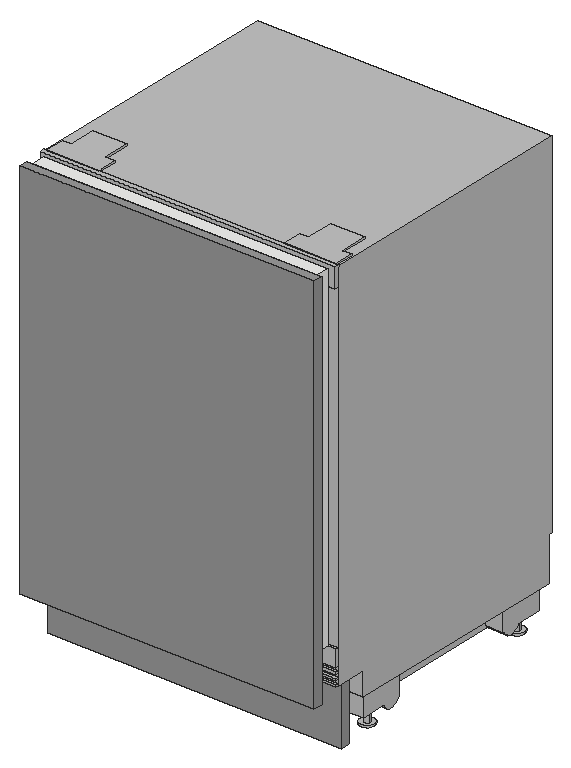
Revit family "FP-Revit19-en-RS6009V2RT1-RS6009V2R1-RS6009SBLT1-RS6009SBL1-IntegratedRefrigerator-0-90003378B-NZ-AU-UK-IE-EU-CN-ASIA-SG", category Specialty Equipment, Revit 2020
Family settings
  Round Connector Dimension = Use Diameter
  Part Type = Normal
  OmniClass Number = 23.40.40.11.11
  OmniClass Title = Refrigerators and Freezers
  Work Plane-Based = No
  Always vertical = Yes
  Cut with Voids When Loaded = Yes
  Shared = No
  Room Calculation Point = No
Parameters (values of type "RS6009V2R1 - Stainless Steel Panel")
  Visibility - Toe Kick Panel [instance] = yes
  Visibility - Clearance Required RH [instance] = yes
  Visibility - Clearance Required LH [instance] = no
  URL = "www.fisherpaykel.com"
  Minimum Visual Toeckick [instance] = 15 mm
  Stainless Steel Door Panel (with window) [instance] = no
  Panel - Height = 771 mm
  Panel - Width [instance] = 592 mm
  Panel - Thickness [instance] = 18 mm
  Stainless Steel Door Panel (no window) [instance] = yes
  Product - Width = 592 mm  # constant formula
  Product - Height [instance] = ([Cavity - Height (864mm - 920mm)])  # 876 mm
  Product - Depth (exl front panel) = 579 mm  # constant formula
  Model = "RS6009V2R1"
  Material - Door Structure = Fisher & Paykel - White
  Material - Door Front [instance] = Fisher & Paykel - Stainless Steel
  Material - Body = Fisher & Paykel - Grey
  Manufacturer = "Fisher & Paykel Appliances"
  Handle Style - Professional Round Flush (AHP3RD09) [instance] = no
  Handle Style - Contemporary Square Fine Black (AHD5RD09B) [instance] = no
  Handle Style - Contemporary Square Fine (AHD5RD09) [instance] = no
  Handle Style - Contemporary Round (AHSRD09) [instance] = no
  Handle Style - Classic Round (AHCLRD09) [instance] = no
  Handle Offset = 529 mm
  Description = "60cm Integrated Wine Cabinet"
  Depth of toe kick (excl. door and toe kick panels) [instance] = 70 mm
  Default Elevation = 0 mm
  Custom panel - Height (761mm Minimum) [instance] = 858 mm
  Custom door panel (with window) [instance] = no
  Custom door panel (no window) [instance] = no
  Connector Description - Electrical = "230 V, 50 Hz, 10 A circuit"
  Cavity - Width = 600 mm  # constant formula
  Cavity - Height (864mm - 920mm) [instance] = 876 mm
  Cavity - Depth (600mm min with services external) = 600 mm
Types (9, lengths in mm): name | Visibility - Clearance Required RH | Visibility - Clearance Required LH | Stainless Steel Door Panel (with window) | Stainless Steel Door Panel (no window) | Model | Material - Door Front | Handle Offset | Description | Custom door panel (with window) | Custom door panel (no window)
  (no name) | yes | no | no | yes | "RS6009V2R1" | Fisher & Paykel - Stainless Steel | 529 | "60cm Integrated Wine Cabinet" | no | no
  RS6009V2RT1 - Stainless Steel Panel | yes | no | yes | no | "RS6009V2RT1" | Fisher & Paykel - Stainless Steel | 529 | "60cm Integrated Wine Cabinet" | no | no
  RS6009SBL1- Stainless Steel Panel | no | yes | no | yes | "RS6009SBL1" | Fisher & Paykel - Stainless Steel | 62.95 | "60cm Integrated Beverage Centre" | no | no
  RS6009V2R1 - Stainless Steel Panel | yes | no | no | yes | "RS6009V2R1" | Fisher & Paykel - Stainless Steel | 529 | "60cm Integrated Wine Cabinet" | no | no
  RS6009SBLT1 - Stainless Steel Panel | no | yes | yes | no | "RS6009SBLT1" | Fisher & Paykel - Stainless Steel | 62.95 | "60cm Integrated Beverage Centre" | no | no
  RS6009SBL1- Custom Door Panel | no | yes | no | no | "RS6009SBL1" | Oak, White | 62.95 | "60cm Integrated Beverage Centre" | no | yes
  RS6009SBLT1 - Custom Door Panel | no | yes | no | no | "RS6009SBLT1" | Oak, White | 62.95 | "60cm Integrated Beverage Centre" | yes | no
  RS6009V2R1 - Custom Door Panel | yes | no | no | no | "RS6009V2R1" | Oak, White | 529 | "60cm Integrated Wine Cabinet" | no | yes
  RS6009V2RT1 - Custom Door Panel | yes | no | no | no | "RS6009V2RT1" | Oak, White | 529 | "60cm Integrated Wine Cabinet" | yes | no
Reference planes
  plane 1 "Datum": y = 0
  plane 2: z = 0
  plane 3 "Center (Left/Right)": x = 0
  plane 4 "Product LHS": x = -296
  plane 5 "Product RHS": x = 296
  plane 6 "Cavity LHS": x = -300
  plane 7 "Cavity RHS": x = 300
  plane 8 "Cavity - Depth": y = 582
  plane 9 "Cavity Height": z = 876
  plane 10 "Panel Thickness": y = -18
  plane 11 "Base": z = 21.3
  plane 12 "Top of Panel": z = 873
  plane 13 "Product - Depth": y = 579
  plane 14 "handle - offset": x = -233
  plane 15 "Handle - Centre": z = 503
  plane 16 "Bottom of Panel": z = 102
  plane 17: y = 52
  plane 18: y = 70
  plane 19: x = 296
  plane 20: x = -296
  plane 21: z = 873
  plane 22: z = 112
  plane 23: z = 15
  plane 24: z = 15
Forms (mm)
  Extrusion 1, solid, material "Fisher & Paykel - Grey" <- "Material - Body"
    sketch origin (0, 0, 0) x (0, 1, 0) y (0, 0, 1)
      loop
        line (105, 69.3) -> (571, 69.3) -> (571, 157) -> (579, 157) -> (579, 873) -> (43, 873) -> (43, 117) -> (105, 117) -> (105, 69.3)
    from -296 to 296
  Extrusion 2, solid, material "Fisher & Paykel - Grey" <- "Material - Body"
    sketch origin (0, 0, 0) x (1, 0, 0) y (0, 0, 1)
      loop
        circle (87.01, 38.007) r 5
    from -579 to -571
  Extrusion 3, solid, material "Fisher & Paykel - Stainless Steel" <- "Material - Door Front", visible <- "Stainless Steel Door Panel (no window)"
    sketch origin (0, 0, 21.503) x (0, 1, 0) y (0, 0, 1)
      loop
        line (-18, 851.497) -> (-18, 80.497) -> (0, 80.497) -> (0, 851.497) -> (-18, 851.497)
    from -296 to 296
  Extrusion 4, solid, material "Fisher & Paykel - White" <- "Material - Door Structure"
    sketch origin (0, 0, 0) x (1, 0, 0) y (0, 1, 0)
      loop
        line (-286, 29) -> (-286, 1.5) -> (286, 1.5) -> (286, 29) -> (-286, 29)
    from 190.7 to 871.7
  Extrusion 5, solid, material "Fisher & Paykel - White" <- "Material - Door Structure"
    sketch origin (0, 0, 0) x (1, 0, 0) y (0, 1, 0)
      loop
        line (-275, 43) -> (-275, 29) -> (275, 29) -> (275, 43) -> (-275, 43)
    from 191 to 836
  Extrusion 6, solid, material "Fisher & Paykel - Clearance Required", visible <- "Visibility - Clearance Required LH", detail levels coarse
    sketch origin (0, -8.858, 0) x (1, 0, 0) y (0, 1, 0)
      loop
        line (296, -9.142) -> (300, -9.142) -> (300, 590.858) -> (-300, 590.858) -> (-300, -9.142) -> (-539.267, -524.083)
        arc (-539.267, -524.083) -> (23.116, -501.405) -> (296, -9.142) r 574.255
    from 0 to 876
  Extrusion 7, solid, material "Fisher & Paykel - Grey" <- "Material - Body", detail levels fine
    sketch origin (0, 0, 0) x (0, 1, 0) y (0, 0, 1)
      loop
        line (36, 185.6) -> (36, 152.3) -> (43, 152.3) -> (43, 185.6) -> (36, 185.6)
      loop
        line (36, 144.3) -> (36, 140.3) -> (43, 140.3) -> (43, 144.3) -> (36, 144.3)
      loop
        line (36, 121) -> (36, 117) -> (43, 117) -> (43, 121) -> (36, 121)
      loop
        line (36, 132.65) -> (36, 128.65) -> (43, 128.65) -> (43, 132.65) -> (36, 132.65)
      loop
        line (33.9, 876) -> (33.9, 836) -> (43, 836) -> (43, 876) -> (33.9, 876)
    from -296 to 296
  Extrusion 8, solid, material "Fisher & Paykel - Grey" <- "Material - Body"
    sketch origin (0, 0, 0) x (0, 1, 0) y (0, 0, 1)
      loop
        line (105, 69.3) -> (105, 21.3) -> (571, 21.3) -> (571, 69.3) -> (105, 69.3)
    from -256 to 256
  Extrusion 9, solid, material "Fisher & Paykel - Stainless Steel" <- "Material - Door Front", visible <- "Visibility - Toe Kick Panel"
    sketch origin (0, 0, 0) x (0, 1, 0) y (0, 0, 1)
      loop
        line (52, 116.303) -> (52, 0) -> (70, 0) -> (70, 116.303) -> (52, 116.303)
    from -296 to 296
  Extrusion 10, solid, material "Fisher & Paykel - Grey" <- "Material - Body"
    sketch origin (0, 0, 0) x (1, 0, 0) y (0, 1, 0)
      loop
        circle (276, 517.6) r 14.483
      loop
        circle (276, 140.6) r 14.5
      loop
        circle (-276, 517.6) r 14.483
      loop
        circle (-276, 140.6) r 14.5
    from 0 to 3
  Extrusion 11, solid, material "Fisher & Paykel - Grey" <- "Material - Body"
    sketch origin (0, 0, 0) x (1, 0, 0) y (0, 1, 0)
      loop
        circle (276, 517.6) r 5
      loop
        circle (276, 140.6) r 5
      loop
        circle (-276, 517.6) r 5
      loop
        circle (-276, 140.6) r 5
    from 3 to 69.3
  Extrusion 12, solid, material "Fisher & Paykel - Grey" <- "Material - Body", detail levels fine
    sketch origin (0, 0, 0) x (0, 1, 0) y (0, 0, 1)
      loop
        line (70, 77) -> (105, 77) -> (105, 117) -> (70, 117) -> (70, 77)
    from 224 to 226
  Extrusion 13, solid, material "Fisher & Paykel - Grey" <- "Material - Body", detail levels fine
    sketch origin (0, 0, 0) x (0, 1, 0) y (0, 0, -1)
      loop
        line (70, -77) -> (70, -117) -> (105, -117) -> (105, -77) -> (70, -77)
    from 224 to 226
  Extrusion 14, void
    sketch origin (0, 1000, 0) x (1, 0, 0) y (0, 1, 0)
      loop
        line (-300, -418) -> (-300, -1018) -> (300, -1018) -> (300, -418) -> (-300, -418)
    from 0 to 876
  Extrusion 15, solid, material "Fisher & Paykel - Stainless Steel" <- "Material - Door Front", visible <- "Stainless Steel Door Panel (with window)"
    sketch origin (0, 0, -1.5) x (1, 0, 0) y (0, 0, 1)
      loop
        line (-296, 874.5) -> (-296, 103.5) -> (296, 103.5) -> (296, 874.5) -> (-296, 874.5)
      loop
        line (201.95, 265.5) -> (201.95, 761.5) -> (-202, 761.5) -> (-202, 265.5) -> (201.95, 265.5)
    from 0 to 18
  Extrusion 16, solid, material "Fisher & Paykel - Black", visible <- "Stainless Steel Door Panel (with window)"
    sketch origin (0, 0, 0) x (1, 0, 0) y (0, 0, 1)
      loop
        line (201.95, 760) -> (-202, 760) -> (-202, 264) -> (201.95, 264) -> (201.95, 760)
    from 0 to 1
  Extrusion 17, solid, material "Fisher & Paykel - Grey" <- "Material - Body", detail levels medium+fine
    sketch origin (0, 0, 0) x (0, 1, 0) y (0, 0, 1)
      loop
        line (199.6, 69.3) -> (109.6, 69.3) -> (109.6, 28.3) -> (161.9, 28.3)
        arc (161.9, 28.3) -> (179.6, 16.207) -> (197.3, 28.3) r 19
        line (197.3, 28.3) -> (199.6, 28.3) -> (199.6, 69.3)
      loop
        line (460.6, 69.3) -> (460.6, 28.3) -> (462.9, 28.3)
        arc (462.9, 28.3) -> (480.6, 16.207) -> (498.3, 28.3) r 19
        line (498.3, 28.3) -> (550.6, 28.3) -> (550.6, 69.3) -> (460.6, 69.3)
    from 256 to 293
  Extrusion 18, solid, material "Fisher & Paykel - Clearance Required", visible <- "Visibility - Clearance Required RH", detail levels coarse
    sketch origin (0, -8.858, 0) x (-1, 0, 0) y (0, -1, 0)
      loop
        arc (296, 9.142) -> (23.116, 501.405) -> (-539.267, 524.083) r 574.255
        line (-539.267, 524.083) -> (-300, 9.142) -> (-300, -590.858) -> (300, -590.858) -> (300, 9.142) -> (296, 9.142)
    from 0 to 876
  Extrusion 19, solid, material "Fisher & Paykel - Grey" <- "Material - Body"
    sketch origin (0, 0, 0) x (0, 1, 0) y (0, 0, -1)
      loop
        line (199.6, -69.3) -> (199.6, -28.3) -> (197.3, -28.3)
        arc (197.3, -28.3) -> (179.6, -16.207) -> (161.9, -28.3) r 19
        line (161.9, -28.3) -> (109.6, -28.3) -> (109.6, -69.3) -> (199.6, -69.3)
      loop
        line (460.6, -69.3) -> (550.6, -69.3) -> (550.6, -28.3) -> (498.3, -28.3)
        arc (498.3, -28.3) -> (480.6, -16.207) -> (462.9, -28.3) r 19
        line (462.9, -28.3) -> (460.6, -28.3) -> (460.6, -69.3)
    from 256 to 293
  Extrusion 20, solid, material "Fisher & Paykel - Grey" <- "Material - Body"
    sketch origin (0, 0, 876) x (1, 0, 0) y (0, 1, 0)
      loop
        line (-273, 137) -> (-273, 83) -> (-291, 83) -> (-291, 43) -> (-187, 43) -> (-187, 83) -> (-205, 83) -> (-205, 137) -> (-273, 137)
      loop
        line (273, 137) -> (205, 137) -> (205, 83) -> (187, 83) -> (187, 43) -> (291, 43) -> (291, 83) -> (273, 83) -> (273, 137)
    from -3 to 0
  Extrusion 21, solid, material "Fisher & Paykel - Stainless Steel" <- "Material - Door Front", visible <- "Custom door panel (no window)"
    sketch origin (0, 0, -1.5) x (-1, 0, 0) y (0, 0, 1)
      loop
        line (296, 16.5) -> (296, 874.5) -> (-296, 874.5) -> (-296, 16.5) -> (296, 16.5)
    from 0 to -18
  Extrusion 22, solid, material "Fisher & Paykel - Stainless Steel" <- "Material - Door Front", visible <- "Custom door panel (with window)"
    sketch origin (287.4, 1.5, 0) x (-1, 0, 0) y (0, 0, -1)
      loop
        line (-8.6, -15) -> (-8.6, -873) -> (583.4, -873) -> (583.4, -15) -> (-8.6, -15)
      loop
        line (489.4, -760) -> (489.4, -264) -> (85.45, -264) -> (85.45, -760) -> (489.4, -760)
    from 0 to 19.5
  Extrusion 23, void
    sketch origin (223.05, -1524, 15) x (-1, 0, 0) y (0, -1, 0)
      loop
        line (519.05, -1506) -> (-72.95, -1506) -> (-72.95, -1524) -> (519.05, -1524) -> (519.05, -1506)
    from 0 to -15
Cuts and joins
  joined: Extrusion 1, Extrusion 8, Extrusion 20
  Extrusion 23 cuts Extrusion 21
  Extrusion 23 cuts Extrusion 22
Lines and regions (mm)
  model lines, style "Fisher & Paykel", detail levels coarse
    curve 1: line (-296, 579, 876) -> (296, 579, 876)
    curve 2: line (-296, 0, 876) -> (-296, 579, 876)
    curve 3: line (296, 0, 876) -> (-296, 0, 876)
    curve 4: line (296, 579, 876) -> (296, 0, 876)
Text (mm)
  text "Due to ongoing product development, product details are subject to change without notice. \nPlease always refer to www.fisherpaykel.com for the most current product information. \n© Fisher & Paykel 2020" at (41.04, -678.295, 0), in view "Ref. Level (Plan)"
Dimensions and locks
  equal spacing: plane 4 "Product LHS", plane 3 "Center (Left/Right)", plane 5 "Product RHS"
  "Product - Width": plane 4 "Product LHS" to plane 5 "Product RHS"
  equal spacing: plane 6 "Cavity LHS", plane 3 "Center (Left/Right)", plane 7 "Cavity RHS"
  "Cavity - Width": plane 6 "Cavity LHS" to plane 7 "Cavity RHS"
  Extrusion 2 sketch curve to plane 5 "Product RHS" = 208.99 mm
  "Panel - Thickness": plane 17 to Extrusion 9
  "Depth of toe kick (excl. door and toe kick panels)": plane 1 "Datum" to Extrusion 9
  "Panel - Thickness": plane 10 "Panel Thickness" to plane 1 "Datum"
  locked: Extrusion 9 to cut or joined group of Extrusion 1, Extrusion 8, Extrusion 20 at 0.697
  equal spacing: Extrusion 3, plane 3 "Center (Left/Right)", Extrusion 3
  "Cavity - Depth (600mm min with services external)": plane 10 "Panel Thickness" to plane 8 "Cavity - Depth"
  equal spacing: Extrusion 15, plane 3 "Center (Left/Right)", Extrusion 15
  locked: cut or joined group of Extrusion 1, Extrusion 8, Extrusion 20 to plane 9 "Cavity Height" at 3  (x2)
  locked: Extrusion 4 to plane 9 "Cavity Height" at 4.3
  locked: Extrusion 5 to plane 9 "Cavity Height" at 40
  locked: cut or joined group of Extrusion 1, Extrusion 8, Extrusion 20 to plane 11 "Base" at 95.7
  "Product - Depth (exl front panel)": plane 1 "Datum" to plane 13 "Product - Depth"
  "Handle Offset": plane 14 "handle - offset" to plane 5 "Product RHS"
  locked: plane 9 "Cavity Height" to plane 11 "Base" at 854.7
  "Cavity - Height (864mm - 920mm)": plane 9 "Cavity Height" to level
  locked: Extrusion 4 to plane 9 "Cavity Height" at 685.3
  locked: Extrusion 5 to plane 9 "Cavity Height" at 685
  locked: plane 9 "Cavity Height" to Extrusion 7 at 690.4
  plane 15 "Handle - Centre" to plane 12 "Top of Panel" = 370 mm
  plane 12 "Top of Panel" to plane 9 "Cavity Height" = 3 mm
  locked: plane 12 "Top of Panel" to Extrusion 15 at 113
  Extrusion 16 to plane 3 "Center (Left/Right)" to Extrusion 16 = 202 mm locked, 201.95 mm locked
  locked: Extrusion 15 to Extrusion 15 at 496
  "Panel - Height": plane 16 "Bottom of Panel" to plane 12 "Top of Panel"
  locked: Extrusion 20 sketch curve to Extrusion 20 sketch curve at 104  (x2)
  locked: plane 11 "Base" to cut or joined group of Extrusion 1, Extrusion 8, Extrusion 20 at 48
  locked: cut or joined group of Extrusion 1, Extrusion 8, Extrusion 20 to plane 13 "Product - Depth" at 474
  "Panel - Width": plane 20 to plane 19
  plane 21 to plane 22 = 761 mm
  "Minimum Visual Toeckick": plane 23 to Extrusion 18
  "Custom panel - Height (761mm Minimum)": plane 12 "Top of Panel" to plane 24
  radius of Extrusion 2 sketch curve = 5 mm
  aligned and locked: level to plane 2
  aligned and locked: Extrusion 1 to plane 5 "Product RHS"
  aligned and locked: plane 4 "Product LHS" to Extrusion 1
  aligned and locked: Extrusion 2 to cut or joined group of Extrusion 1, Extrusion 8, Extrusion 20
  aligned and locked: Extrusion 8 to plane 11 "Base"
  aligned and locked: Extrusion 12 to cut or joined group of Extrusion 1, Extrusion 8, Extrusion 20  (x2)
  aligned and locked: Extrusion 12 to Extrusion 13
  aligned and locked: plane 6 "Cavity LHS" to Extrusion 14
  aligned and locked: Extrusion 14 to plane 7 "Cavity RHS"
  aligned and locked: Extrusion 14 to plane 9 "Cavity Height"
  aligned and locked: Extrusion 14 to level
  aligned and locked: plane 10 "Panel Thickness" to Extrusion 14
  aligned and locked: plane 8 "Cavity - Depth" to Extrusion 14
  aligned and locked: plane 10 "Panel Thickness" to nested 4
  aligned and locked: Extrusion 5 to Extrusion 4
  aligned and locked: Extrusion 15 to plane 1 "Datum"
  aligned and locked: plane 10 "Panel Thickness" to Extrusion 15
  aligned and locked: Extrusion 15 to plane 12 "Top of Panel"
  aligned and locked: Extrusion 3 to plane 12 "Top of Panel"
  aligned and locked: Extrusion 14 to Extrusion 7
  aligned and locked: Extrusion 7 to Extrusion 5
  aligned and locked: Extrusion 15 to Extrusion 16 sketch curve
  aligned and locked: Extrusion 16 to plane 1 "Datum"
  aligned and locked: Extrusion 1 sketch curve to plane 13 "Product - Depth"
  aligned and locked: plane 14 "handle - offset" to nested 4
  aligned and locked: plane 14 "handle - offset" to nested 3
  aligned and locked: plane 14 "handle - offset" to nested 1
  aligned and locked: plane 14 "handle - offset" to nested 2
  aligned and locked: nested 2 to plane 15 "Handle - Centre"
  aligned and locked: nested 4 to plane 15 "Handle - Centre"
  aligned and locked: nested 3 to plane 15 "Handle - Centre"
  aligned and locked: Extrusion 6 to plane 9 "Cavity Height"
  aligned and locked: nested 1 to plane 15 "Handle - Centre"
  aligned and locked: Extrusion 18 to plane 9 "Cavity Height"
  aligned and locked: Extrusion 19 sketch curve to Extrusion 19 sketch curve
  aligned and locked: Extrusion 18 sketch curve to plane 6 "Cavity LHS"
  aligned and locked: Extrusion 18 sketch curve to plane 8 "Cavity - Depth"
  aligned and locked: plane 7 "Cavity RHS" to Extrusion 18 sketch curve
  aligned and locked: Extrusion 6 to plane 7 "Cavity RHS"
  aligned and locked: plane 8 "Cavity - Depth" to Extrusion 6
  aligned and locked: plane 6 "Cavity LHS" to Extrusion 6
  aligned and locked: Extrusion 16 to Extrusion 15  (x2)
  aligned and locked: Extrusion 12 to Extrusion 9
  aligned and locked: Extrusion 13 to Extrusion 9
  aligned and locked: nested 5 to plane 15 "Handle - Centre"
  aligned and locked: plane 14 "handle - offset" to nested 5
  aligned and locked: plane 16 "Bottom of Panel" to Extrusion 15
  aligned and locked: plane 16 "Bottom of Panel" to Extrusion 3
  aligned and locked: Extrusion 3 to Extrusion 20
  aligned and locked: Extrusion 20 to plane 9 "Cavity Height"
  aligned and locked: Extrusion 11 to cut or joined group of Extrusion 1, Extrusion 8, Extrusion 20
  aligned and locked: Extrusion 17 to cut or joined group of Extrusion 1, Extrusion 8, Extrusion 20  (x2)
  aligned and locked: Extrusion 19 to cut or joined group of Extrusion 1, Extrusion 8, Extrusion 20
  aligned and locked: Extrusion 19 sketch curve to Extrusion 17
  aligned and locked: Extrusion 1 to Extrusion 8
  aligned and locked: Extrusion 13 to cut or joined group of Extrusion 1, Extrusion 8, Extrusion 20
  aligned and locked: plane 10 "Panel Thickness" to nested 2
  aligned and locked: plane 10 "Panel Thickness" to nested 3
  aligned and locked: plane 14 "handle - offset" to nested 6
  aligned and locked: plane 10 "Panel Thickness" to nested 6
  aligned and locked: nested 6 to plane 15 "Handle - Centre"
  aligned and locked: plane 10 "Panel Thickness" to nested 1
  aligned and locked: plane 10 "Panel Thickness" to nested 5
  aligned and locked: cut or joined group of Extrusion 1, Extrusion 8, Extrusion 20 to cut or joined group of Extrusion 1, Extrusion 8, Extrusion 20
  aligned and locked: Extrusion 1 to Extrusion 20  (x2)
  aligned and locked: Extrusion 21 sketch curve to Extrusion 15  (x3)
  aligned and locked: Extrusion 22 sketch curve to Extrusion 15  (x5)
  aligned and locked: Extrusion 22 sketch curve to Extrusion 16
  aligned and locked: Extrusion 14 to Extrusion 22
  aligned and locked: plane 24 to cut or joined group of Extrusion 22, Extrusion 23
  aligned and locked: Extrusion 21 sketch curve to plane 24
  aligned and locked: Extrusion 22 sketch curve to plane 24
Automatic sketch dimensions
  Extrusion 3 sketch curve to plane 10 "Panel Thickness" = 0 mm
  Extrusion 3 sketch curve to plane 1 "Datum" = 0 mm
  plane 12 "Top of Panel" to Extrusion 3 sketch curve = 0 mm
  Extrusion 4 sketch curve to plane 1 "Datum" = 1.5 mm
  Extrusion 4 sketch curve to plane 4 "Product LHS" = 10 mm
  plane 5 "Product RHS" to Extrusion 4 sketch curve = 10 mm
  Extrusion 4 sketch curve to Extrusion 4 sketch curve = 27.5 mm
  Extrusion 5 sketch curve to plane 4 "Product LHS" = 21 mm
  plane 5 "Product RHS" to Extrusion 5 sketch curve = 21 mm
  Extrusion 5 sketch curve to plane 1 "Datum" = 29 mm
  Extrusion 5 sketch curve to Extrusion 5 sketch curve = 14 mm
  plane 9 "Cavity Height" to Extrusion 7 sketch curve = 0 mm
  Extrusion 7 sketch curve to plane 1 "Datum" = 33.9 mm
  Extrusion 7 sketch curve to plane 1 "Datum" = 36 mm
  Extrusion 7 sketch curve to Extrusion 7 sketch curve = 0 mm  (x3)
  Extrusion 7 sketch curve to Extrusion 7 sketch curve = 7 mm  (x4)
  Extrusion 7 sketch curve to Extrusion 7 sketch curve = 9.1 mm
  plane 12 "Top of Panel" to Extrusion 7 sketch curve = 37 mm
  Extrusion 7 sketch curve to Extrusion 7 sketch curve = 33.3 mm
  Extrusion 7 sketch curve to Extrusion 7 sketch curve = 8 mm
  Extrusion 7 sketch curve to Extrusion 7 sketch curve = 4 mm  (x3)
  Extrusion 7 sketch curve to Extrusion 7 sketch curve = 7.65 mm  (x2)
  Extrusion 8 sketch curve to plane 11 "Base" = 0 mm
  Extrusion 8 sketch curve to plane 1 "Datum" = 105 mm
  Extrusion 8 sketch curve to plane 13 "Product - Depth" = 8 mm
  Extrusion 9 sketch curve to level = 0 mm
  Extrusion 9 sketch curve to plane 1 "Datum" = 52 mm
  Extrusion 9 sketch curve to Extrusion 9 sketch curve = 18 mm
  Extrusion 10 sketch curve to plane 4 "Product LHS" = 20 mm  (x2)
  plane 5 "Product RHS" to Extrusion 10 sketch curve = 20 mm  (x2)
  Extrusion 10 sketch curve to plane 1 "Datum" = 140.6 mm  (x2)
  Extrusion 10 sketch curve to plane 13 "Product - Depth" = 61.4 mm  (x2)
  Extrusion 11 sketch curve to plane 4 "Product LHS" = 20 mm  (x2)
  plane 5 "Product RHS" to Extrusion 11 sketch curve = 20 mm  (x2)
  Extrusion 11 sketch curve to plane 1 "Datum" = 140.6 mm  (x2)
  Extrusion 11 sketch curve to plane 13 "Product - Depth" = 61.4 mm  (x2)
  Extrusion 12 sketch curve to plane 1 "Datum" = 70 mm
  Extrusion 12 sketch curve to Extrusion 12 sketch curve = 35 mm
  Extrusion 13 sketch curve to plane 1 "Datum" = 70 mm
  Extrusion 13 sketch curve to Extrusion 13 sketch curve = 35 mm
  Extrusion 14 sketch curve to plane 6 "Cavity LHS" = 0 mm
  Extrusion 14 sketch curve to plane 7 "Cavity RHS" = 0 mm
  plane 10 "Panel Thickness" to Extrusion 14 sketch curve = 0 mm
  Extrusion 14 sketch curve to plane 8 "Cavity - Depth" = 0 mm
  Extrusion 18 sketch curve to plane 4 "Product LHS" = 0 mm
  plane 10 "Panel Thickness" to Extrusion 18 sketch curve = 0 mm  (x2)
  plane 7 "Cavity RHS" to Extrusion 18 sketch curve = 239.267 mm
  Extrusion 18 sketch curve to plane 10 "Panel Thickness" = 3.437 mm
  Extrusion 18 sketch curve to plane 5 "Product RHS" = 17.755 mm
  Extrusion 6 sketch curve to plane 6 "Cavity LHS" = 0 mm
  Extrusion 6 sketch curve to plane 5 "Product RHS" = 0 mm
  Extrusion 6 sketch curve to plane 7 "Cavity RHS" = 0 mm
  plane 10 "Panel Thickness" to Extrusion 6 sketch curve = 0 mm  (x2)
  Extrusion 6 sketch curve to plane 8 "Cavity - Depth" = 0 mm
  plane 10 "Panel Thickness" to Extrusion 6 sketch curve = 3.437 mm
  Extrusion 6 sketch curve to plane 4 "Product LHS" = 17.755 mm
  plane 6 "Cavity LHS" to Extrusion 6 sketch curve = 239.267 mm
  Extrusion 16 sketch curve to plane 4 "Product LHS" = 94 mm
  Extrusion 16 sketch curve to plane 14 "handle - offset" = 434.95 mm
  plane 4 "Product LHS" to Extrusion 15 sketch curve = 0 mm
  plane 5 "Product RHS" to Extrusion 15 sketch curve = 0 mm
  plane 12 "Top of Panel" to Extrusion 15 sketch curve = 0 mm
  Extrusion 15 sketch curve to plane 4 "Product LHS" = 94 mm
  Extrusion 15 sketch curve to plane 14 "handle - offset" = 434.95 mm
  plane 12 "Top of Panel" to Extrusion 15 sketch curve = 113 mm
  plane 11 "Base" to Extrusion 3 sketch curve = 80.7 mm
  plane 11 "Base" to Extrusion 7 sketch curve = 164.3 mm
  Extrusion 8 sketch curve to Extrusion 8 sketch curve = 48 mm
  plane 11 "Base" to Extrusion 9 sketch curve = 95.003 mm
  plane 11 "Base" to Extrusion 12 sketch curve = 55.7 mm
  Extrusion 12 sketch curve to Extrusion 12 sketch curve = 40 mm
  plane 11 "Base" to Extrusion 13 sketch curve = 95.7 mm
  Extrusion 13 sketch curve to Extrusion 13 sketch curve = 40 mm
  plane 15 "Handle - Centre" to Extrusion 15 sketch curve = 239 mm
  plane 11 "Base" to Extrusion 15 sketch curve = 80.7 mm
  plane 15 "Handle - Centre" to Extrusion 16 sketch curve = 239 mm
  Extrusion 20 sketch curve to plane 4 "Product LHS" = 5 mm
  Extrusion 20 sketch curve to Extrusion 20 sketch curve = 18 mm  (x3)
  plane 5 "Product RHS" to Extrusion 20 sketch curve = 23 mm
  Extrusion 20 sketch curve to plane 1 "Datum" = 43 mm  (x2)
  Extrusion 20 sketch curve to Extrusion 20 sketch curve = 40 mm  (x4)
  Extrusion 20 sketch curve to Extrusion 20 sketch curve = 54 mm  (x2)
  plane 5 "Product RHS" to Extrusion 20 sketch curve = 5 mm
  Extrusion 1 sketch curve to plane 13 "Product - Depth" = 8 mm
  plane 16 "Bottom of Panel" to Extrusion 1 sketch curve = 32.7 mm
  Extrusion 1 sketch curve to plane 1 "Datum" = 105 mm
  plane 12 "Top of Panel" to Extrusion 1 sketch curve = 0 mm
  Extrusion 1 sketch curve to plane 1 "Datum" = 43 mm
  Extrusion 1 sketch curve to plane 16 "Bottom of Panel" = 15 mm
  Extrusion 1 sketch curve to plane 16 "Bottom of Panel" = 55 mm
  plane 11 "Base" to Extrusion 2 sketch curve = 16.707 mm
  plane 16 "Bottom of Panel" to Extrusion 17 sketch curve = 32.7 mm  (x2)
  Extrusion 17 sketch curve to plane 1 "Datum" = 109.6 mm
  plane 11 "Base" to Extrusion 17 sketch curve = 7 mm  (x4)
  Extrusion 17 sketch curve to Extrusion 17 sketch curve = 52.3 mm
  plane 11 "Base" to Extrusion 17 sketch curve = 13.907 mm  (x2)
  Extrusion 17 sketch curve to Extrusion 17 sketch curve = 17.7 mm  (x2)
  Extrusion 17 sketch curve to Extrusion 17 sketch curve = 2.3 mm  (x2)
  Extrusion 17 sketch curve to plane 13 "Product - Depth" = 118.4 mm
  Extrusion 17 sketch curve to plane 13 "Product - Depth" = 28.4 mm
  plane 16 "Bottom of Panel" to Extrusion 19 sketch curve = 32.7 mm
  Extrusion 19 sketch curve to plane 1 "Datum" = 109.6 mm
  plane 11 "Base" to Extrusion 19 sketch curve = 7 mm  (x4)
  Extrusion 19 sketch curve to Extrusion 19 sketch curve = 52.3 mm
  plane 11 "Base" to Extrusion 19 sketch curve = 13.907 mm  (x2)
  Extrusion 19 sketch curve to Extrusion 19 sketch curve = 17.7 mm  (x2)
  Extrusion 19 sketch curve to Extrusion 19 sketch curve = 2.3 mm  (x2)
  Extrusion 19 sketch curve to plane 13 "Product - Depth" = 118.4 mm
  plane 1 "Datum" to curve 3 = 0 mm
  curve 3 to plane 4 "Product LHS" = 0 mm
  curve 2 to plane 13 "Product - Depth" = 0 mm
  curve 3 to plane 5 "Product RHS" = 0 mm
  Extrusion 4 to Extrusion 22 sketch curve = 10 mm
  Extrusion 23 sketch curve to plane 5 "Product RHS" = 0 mm
  plane 1 "Datum" to Extrusion 23 sketch curve = 0 mm
  Extrusion 23 sketch curve to plane 4 "Product LHS" = 0 mm
  plane 10 "Panel Thickness" to Extrusion 23 sketch curve = 0 mm
  radius of Extrusion 10 sketch curve = 14.483 mm  (x2)
  radius of Extrusion 10 sketch curve = 14.5 mm  (x2)
  radius of Extrusion 11 sketch curve = 5 mm  (x4)
Nested families
  nested 1: "F&P Handle Kit - Contemporary Square Fine - Vertical" at (-233, -18, 503), visible <- "Handle Style - Contemporary Square Fine (AHD5RD09)", type "AHD5RD09 - Contemporary square fine handle (vertical) 494mm"
  nested 2: "F&P Handle Kit - Professional Round Flush - Vertical" at (-233, -18, 503), visible <- "Handle Style - Professional Round Flush (AHP3RD09)", type "AHP3RD09 - Professional round flush handle (vertical) 444mm"
  nested 3: "F&P Handle Kit - Contemporary Round - Vertical" at (-233, -18, 503), visible <- "Handle Style - Contemporary Round (AHSRD09)", type "AHSRD09 - Contemporary round handle (vertical) 494mm"
  nested 4: "F&P Handle Kit - Classic Round - Vertical" at (-233, -18, 503), visible <- "Handle Style - Classic Round (AHCLRD09)", type "AHCLRD09 - Classic round handle (vertical) 494mm"
  nested 5: "F&P Handle Kit - Contemporary Square Fine - Vertical" at (-233, -18, 503), visible <- "Handle Style - Contemporary Square Fine Black (AHD5RD09B)", type "AHD5RD09B - Contemporary square fine handle Black (vertical) 494mm"
  nested 6: "F&P Handle Kit - Classic Round - Vertical" at (-233, -18, 503), visible <- "Handle Style - Classic Round (AHCLRD09)", type "AHCLRD09 - Classic round handle (vertical) 494mm"
Connectors
  electrical at (87.01, 579, 38.007), driven by "Connector Description - Electrical"
    settings: on Extrusion 2, index 1, voltage 230 V, apparent load 0 VA, apparent load phase1 0 VA, apparent load phase2 0 VA, apparent load phase3 0 VA, power factor 1, load classification "Other", number of poles 1, system type 30, power factor state 1, is connector primary yes, connector utility no, sub classification motor no, connector description "230 V, 50 Hz, 10 A circuit"
Definition of nested family "F&P Handle Kit - Contemporary Square Fine - Vertical"
  Parameters (values of type "AHD5RD09B - Contemporary square fine handle Black (vertical) 494mm")
    URL = "www.fisherpaykel.com"
    Material - Handle = none
    Manufacturer = "Fisher & Paykel Appliances"
    Handle - Length = 494 mm
    Default Elevation = 0 mm
  Types (2): name
    AHD5RD09 - Contemporary square fine handle (vertical) 494mm
    AHD5RD09B - Contemporary square fine handle Black (vertical) 494mm
  Reference planes
    plane 1 "Center (Front/Back)": y = 0
    plane 2: z = 0
    plane 3 "Center (Left/Right)": x = 0
    plane 4 "Top": z = 247
    plane 5 "Bottom": z = -247
    plane 6 "Top Standoff": z = 127
    plane 7 "Bottom Standoff": z = -127
  Forms (mm)
    Extrusion 1, solid, material <- "Material - Handle", detail levels fine
      sketch origin (0, 0, 0) x (1, 0, 0) y (0, 1, 0)
        loop
          arc (-6.16, -26.813) -> (-6.554, -27.196) -> (-6.686, -27.728) r 1
          line (-6.686, -27.728) -> (-6.256, -40.035)
          arc (-6.256, -40.035) -> (-5.951, -40.719) -> (-5.257, -41) r 1
          line (-5.257, -41) -> (5.257, -41)
          arc (5.257, -41) -> (5.951, -40.719) -> (6.256, -40.035) r 1
          line (6.256, -40.035) -> (6.686, -27.709)
          arc (6.686, -27.709) -> (6.554, -27.175) -> (6.158, -26.792) r 1
          arc (6.158, -26.792) -> (-0.004, -25.256) -> (-6.16, -26.813) r 13.038
      from -247 to 247
    Extrusion 2, solid, material <- "Material - Handle", detail levels fine
      sketch origin (0, 0, 0) x (1, 0, 0) y (0, 1, 0)
        loop
          arc (6.012, -26.626) -> (6.494, -26.614) -> (6.741, -26.2) r 0.5
          line (6.741, -26.2) -> (7.7, 0) -> (-7.7, 0) -> (-6.742, -26.174)
          arc (-6.742, -26.174) -> (-6.496, -26.587) -> (-6.015, -26.6) r 0.5
          arc (-6.015, -26.6) -> (0.002, -25.156) -> (6.012, -26.626) r 13.136
      from 127 to 247
    Extrusion 3, solid, material <- "Material - Handle", detail levels coarse+medium
      sketch origin (0, 0, 0) x (0, 1, 0) y (0, 0, 1)
        loop
          line (0, 247) -> (-42, 247) -> (-42, -247) -> (0, -247) -> (0, -127) -> (-26.245, -127) -> (-26.245, 127) -> (0, 127) -> (0, 247)
      from -8 to 8
    Extrusion 4, solid, material <- "Material - Handle", detail levels fine
      sketch origin (0, 0, 0) x (1, 0, 0) y (0, 1, 0)
        loop
          arc (6.012, -26.626) -> (6.494, -26.614) -> (6.741, -26.2) r 0.5
          line (6.741, -26.2) -> (7.7, 0) -> (-7.7, 0) -> (-6.742, -26.174)
          arc (-6.742, -26.174) -> (-6.496, -26.587) -> (-6.015, -26.6) r 0.5
          arc (-6.015, -26.6) -> (0.002, -25.156) -> (6.012, -26.626) r 13.136
      from -247 to -127
  Dimensions and locks
    equal spacing: plane 4 "Top", level, plane 5 "Bottom"
    "Handle - Length": plane 4 "Top" to plane 5 "Bottom"
    locked: plane 4 "Top" to plane 6 "Top Standoff" at 120
    locked: plane 7 "Bottom Standoff" to plane 5 "Bottom" at 120
    aligned and locked: level to plane 2
    aligned and locked: plane 4 "Top" to Extrusion 2
    aligned and locked: Extrusion 2 to plane 6 "Top Standoff"
    aligned and locked: plane 4 "Top" to Extrusion 1
    aligned and locked: Extrusion 1 to plane 5 "Bottom"
    aligned and locked: plane 4 "Top" to Extrusion 3 sketch curve
    aligned and locked: plane 6 "Top Standoff" to Extrusion 3 sketch curve
    aligned and locked: plane 7 "Bottom Standoff" to Extrusion 3 sketch curve
    aligned and locked: plane 5 "Bottom" to Extrusion 3 sketch curve
    aligned and locked: Extrusion 4 to plane 5 "Bottom"
    aligned and locked: plane 7 "Bottom Standoff" to Extrusion 4
  Automatic sketch dimensions
    Extrusion 1 sketch curve to plane 3 "Center (Left/Right)" = 6.686 mm
    Extrusion 1 sketch curve to plane 3 "Center (Left/Right)" = 6.256 mm
    Extrusion 1 sketch curve to Extrusion 1 sketch curve = 0.999 mm  (x4)
    plane 3 "Center (Left/Right)" to Extrusion 1 sketch curve = 0.018 mm
    plane 3 "Center (Left/Right)" to Extrusion 1 sketch curve = 5.257 mm
    plane 3 "Center (Left/Right)" to Extrusion 1 sketch curve = 5.687 mm
    plane 1 "Center (Front/Back)" to Extrusion 1 sketch curve = 41 mm
    Extrusion 1 sketch curve to Extrusion 1 sketch curve = 0.965 mm  (x2)
    Extrusion 1 sketch curve to Extrusion 1 sketch curve = 1.706 mm
    Extrusion 1 sketch curve to Extrusion 1 sketch curve = 12.307 mm
    Extrusion 1 sketch curve to Extrusion 1 sketch curve = 12.326 mm
    Extrusion 1 sketch curve to Extrusion 1 sketch curve = 0.035 mm  (x2)
    Extrusion 1 sketch curve to Extrusion 1 sketch curve = 0 mm
    plane 1 "Center (Front/Back)" to Extrusion 2 sketch curve = 0 mm
    Extrusion 2 sketch curve to plane 3 "Center (Left/Right)" = 7.7 mm
    Extrusion 2 sketch curve to plane 3 "Center (Left/Right)" = 6.742 mm
    Extrusion 2 sketch curve to Extrusion 2 sketch curve = 0.5 mm  (x2)
    Extrusion 2 sketch curve to plane 3 "Center (Left/Right)" = 0.026 mm
    plane 3 "Center (Left/Right)" to Extrusion 2 sketch curve = 6.242 mm
    plane 3 "Center (Left/Right)" to Extrusion 2 sketch curve = 7.7 mm
    plane 1 "Center (Front/Back)" to Extrusion 2 sketch curve = 26.155 mm
    Extrusion 2 sketch curve to Extrusion 2 sketch curve = 0.018 mm  (x2)
    Extrusion 2 sketch curve to Extrusion 2 sketch curve = 0.026 mm
    Extrusion 2 sketch curve to Extrusion 2 sketch curve = 12.11 mm
    Extrusion 2 sketch curve to Extrusion 2 sketch curve = 0 mm
    plane 1 "Center (Front/Back)" to Extrusion 3 sketch curve = 42 mm
    Extrusion 3 sketch curve to Extrusion 3 sketch curve = 15.755 mm
    Extrusion 3 sketch curve to Extrusion 3 sketch curve = 42 mm  (x2)
    Extrusion 4 sketch curve to plane 3 "Center (Left/Right)" = 7.7 mm
    Extrusion 4 sketch curve to plane 3 "Center (Left/Right)" = 6.742 mm
    Extrusion 4 sketch curve to Extrusion 4 sketch curve = 0.5 mm  (x2)
    Extrusion 4 sketch curve to plane 3 "Center (Left/Right)" = 0.026 mm
    plane 3 "Center (Left/Right)" to Extrusion 4 sketch curve = 6.242 mm
    plane 3 "Center (Left/Right)" to Extrusion 4 sketch curve = 7.7 mm
    plane 1 "Center (Front/Back)" to Extrusion 4 sketch curve = 38.291 mm
    Extrusion 4 sketch curve to Extrusion 4 sketch curve = 12.091 mm
    Extrusion 4 sketch curve to Extrusion 4 sketch curve = 0.018 mm  (x2)
    Extrusion 4 sketch curve to Extrusion 4 sketch curve = 0.452 mm
    Extrusion 4 sketch curve to Extrusion 4 sketch curve = 26.174 mm
    Extrusion 4 sketch curve to Extrusion 4 sketch curve = 0 mm
Definition of nested family "F&P Handle Kit - Professional Round Flush - Vertical"
  Parameters (values of type "AHP3RD09 - Professional round flush handle (vertical) 444mm")
    URL = "www.fisherpaykel.com"
    Material - Handle = none
    Manufacturer = "Fisher & Paykel Appliances"
    Handle - Length = 444 mm
    Default Elevation = 0 mm
  Reference planes
    plane 1 "Center (Front/Back)": y = 0
    plane 2: z = 0
    plane 3 "Center (Left/Right)": x = 0
    plane 4 "Top": z = 222
    plane 5 "Bottom": z = -222
    plane 6 "Top Standoff": z = 162
    plane 7 "Bottom Standoff": z = -162
  Forms (mm)
    Extrusion 1, solid, material <- "Material - Handle", detail levels fine
      sketch origin (0, 0, 0) x (1, 0, 0) y (0, 1, 0)
        loop
          arc (-12.817, -46.665) -> (0, -58.016) -> (12.817, -46.665) r 12.912
          line (12.817, -46.665) -> (18.5, 0) -> (-18.5, 0) -> (-12.817, -46.665)
      from 162 to 222
    Extrusion 2, solid, material <- "Material - Handle", detail levels fine
      sketch origin (0, 0, 0) x (1, 0, 0) y (0, 1, 0)
        loop
          arc (-12.817, -46.665) -> (0, -58.016) -> (12.817, -46.665) r 12.912
          line (12.817, -46.665) -> (18.5, 0) -> (-18.5, 0) -> (-12.817, -46.665)
      from -222 to -162
    Extrusion 3, solid, material <- "Material - Handle"
      sketch origin (0, 0, 0) x (1, 0, 0) y (0, 1, 0)
        loop
          circle (0, -45.116) r 12.7
      from -162 to 162
    Sweep 4, void
      path in 3D
        loop
          line (18.5, 0, 222) -> (12.817, -46.665, 222)
          arc (12.817, -46.665, 222) -> (0, -58.016, 222) -> (-12.817, -46.665, 222) r 12.912
          line (-12.817, -46.665, 222) -> (-18.5, 0, 222)
      profile origin (0, -58.016, 222) x (0, -1, 0) y (0, 0, 1)
        loop
          line (0, 0) -> (-1.5, 0) -> (0, -1.5) -> (0, 0)
    Sweep 5, void
      path in 3D
        loop
          line (-18.5, 0, -222) -> (-12.817, -46.665, -222)
          arc (-12.817, -46.665, -222) -> (0, -58.016, -222) -> (12.817, -46.665, -222) r 12.912
          line (12.817, -46.665, -222) -> (18.5, 0, -222)
      profile origin (0, -58.016, -222) x (0, -1, 0) y (0, 0, -1)
        loop
          line (0, 0) -> (-1.5, 0) -> (0, -1.5) -> (0, 0)
    Extrusion 6, solid, material <- "Material - Handle", detail levels coarse+medium
      sketch origin (0, 0, 0) x (1, 0, 0) y (0, 1, 0)
        loop
          arc (-12.817, -46.665) -> (0, -58.016) -> (12.817, -46.665) r 12.912
          line (12.817, -46.665) -> (18.5, 0) -> (-18.5, 0) -> (-12.817, -46.665)
      from 162 to 222
    Extrusion 7, solid, material <- "Material - Handle", detail levels coarse+medium
      sketch origin (0, 0, 0) x (1, 0, 0) y (0, 1, 0)
        loop
          arc (-12.817, -46.665) -> (0, -58.016) -> (12.817, -46.665) r 12.912
          line (12.817, -46.665) -> (18.5, 0) -> (-18.5, 0) -> (-12.817, -46.665)
      from -222 to -162
  Cuts and joins
    Sweep 4 cuts Extrusion 1
    Sweep 5 cuts Extrusion 2
  Lines and regions (mm)
    sketch lines
      curve 1: arc (12.817, -46.665, 222) -> (0, -58.016, 222) -> (-12.817, -46.665, 222) r 12.912
      curve 2: line (12.817, -46.665, 222) -> (18.5, 0, 222)
      curve 3: line (-18.5, 0, 222) -> (-12.817, -46.665, 222)
      curve 4: arc (-12.817, -46.665, -222) -> (0, -58.016, -222) -> (12.817, -46.665, -222) r 12.912
      curve 5: line (18.5, 0, -222) -> (12.817, -46.665, -222)
      curve 6: line (-12.817, -46.665, -222) -> (-18.5, 0, -222)
  Dimensions and locks
    equal spacing: plane 4 "Top", level, plane 5 "Bottom"
    "Handle - Length": plane 4 "Top" to plane 5 "Bottom"
    plane 4 "Top" to plane 6 "Top Standoff" = 60 mm
    plane 7 "Bottom Standoff" to plane 5 "Bottom" = 60 mm
    aligned and locked: level to plane 2
    aligned and locked: plane 4 "Top" to Extrusion 1
    aligned and locked: Extrusion 1 to plane 6 "Top Standoff"
    aligned and locked: Extrusion 2 to plane 5 "Bottom"
    aligned and locked: plane 1 "Center (Front/Back)" to Extrusion 2 sketch curve
    aligned and locked: plane 6 "Top Standoff" to Extrusion 3
    aligned and locked: Extrusion 3 to plane 7 "Bottom Standoff"
    aligned and locked: Extrusion 6 to cut or joined group of Extrusion 1, Sweep 4
    aligned and locked: Extrusion 7 to cut or joined group of Extrusion 2, Sweep 5
    aligned and locked: plane 7 "Bottom Standoff" to Extrusion 7
    aligned and locked: plane 7 "Bottom Standoff" to cut or joined group of Extrusion 2, Sweep 5
    aligned and locked: Extrusion 6 to plane 6 "Top Standoff"
    aligned and locked: cut or joined group of Extrusion 1, Sweep 4 to plane 6 "Top Standoff"
  Automatic sketch dimensions
    plane 1 "Center (Front/Back)" to Extrusion 1 sketch curve = 0 mm
    Extrusion 1 sketch curve to plane 3 "Center (Left/Right)" = 0 mm
    Extrusion 1 sketch curve to plane 3 "Center (Left/Right)" = 12.817 mm
    Extrusion 1 sketch curve to plane 3 "Center (Left/Right)" = 18.5 mm
    plane 3 "Center (Left/Right)" to Extrusion 1 sketch curve = 12.817 mm
    plane 3 "Center (Left/Right)" to Extrusion 1 sketch curve = 18.5 mm
    plane 1 "Center (Front/Back)" to Extrusion 1 sketch curve = 45.104 mm
    Extrusion 1 sketch curve to Extrusion 1 sketch curve = 1.561 mm
    Extrusion 2 sketch curve to plane 3 "Center (Left/Right)" = 0 mm
    Extrusion 2 sketch curve to plane 3 "Center (Left/Right)" = 12.817 mm
    Extrusion 2 sketch curve to plane 3 "Center (Left/Right)" = 18.5 mm
    plane 3 "Center (Left/Right)" to Extrusion 2 sketch curve = 12.817 mm
    plane 3 "Center (Left/Right)" to Extrusion 2 sketch curve = 18.5 mm
    plane 1 "Center (Front/Back)" to Extrusion 2 sketch curve = 45.104 mm
    Extrusion 2 sketch curve to Extrusion 2 sketch curve = 1.561 mm
    Extrusion 3 sketch curve to plane 3 "Center (Left/Right)" = 0 mm
    plane 1 "Center (Front/Back)" to Extrusion 3 sketch curve = 45.116 mm
    Sweep 4 sketch curve to profile plane = 0 mm  (x2)
    profile plane to Sweep 4 sketch curve = 1.5 mm
    Sweep 4 sketch curve to profile plane = 1.5 mm
    profile plane to Sweep 5 sketch curve = 0 mm
    Sweep 5 sketch curve to profile plane = 0 mm
    profile plane to Sweep 5 sketch curve = 1.5 mm
    Sweep 5 sketch curve to profile plane = 1.5 mm
    Extrusion 6 sketch curve to plane 3 "Center (Left/Right)" = 0 mm
    Extrusion 6 sketch curve to plane 3 "Center (Left/Right)" = 12.817 mm
    Extrusion 6 sketch curve to plane 3 "Center (Left/Right)" = 18.5 mm
    plane 3 "Center (Left/Right)" to Extrusion 6 sketch curve = 12.817 mm
    plane 3 "Center (Left/Right)" to Extrusion 6 sketch curve = 18.5 mm
    plane 1 "Center (Front/Back)" to Extrusion 6 sketch curve = 46.665 mm
    Extrusion 6 sketch curve to Extrusion 6 sketch curve = 1.561 mm
    Extrusion 6 sketch curve to Extrusion 6 sketch curve = 46.665 mm
    Extrusion 7 sketch curve to plane 3 "Center (Left/Right)" = 0 mm
    Extrusion 7 sketch curve to plane 3 "Center (Left/Right)" = 12.817 mm
    Extrusion 7 sketch curve to plane 3 "Center (Left/Right)" = 18.5 mm
    plane 3 "Center (Left/Right)" to Extrusion 7 sketch curve = 12.817 mm
    plane 3 "Center (Left/Right)" to Extrusion 7 sketch curve = 18.5 mm
    plane 1 "Center (Front/Back)" to Extrusion 7 sketch curve = 46.665 mm
    Extrusion 7 sketch curve to Extrusion 7 sketch curve = 1.561 mm
    Extrusion 7 sketch curve to Extrusion 7 sketch curve = 46.665 mm
    radius of Extrusion 3 sketch curve = 12.7 mm
Definition of nested family "F&P Handle Kit - Contemporary Round - Vertical"
  Parameters (values of type "AHSRD09 - Contemporary round handle (vertical) 494mm")
    URL = "www.fisherpaykel.com"
    Material - Handle = none
    Manufacturer = "Fisher & Paykel Appliances"
    Keynote = ""
    Handle Standoff - Length = 120 mm
    Handle - Length = 494 mm
    Description = ""
    Default Elevation = 0 mm
  Reference planes
    plane 1 "Center (Front/Back)": y = 0
    plane 2: z = 0
    plane 3 "Center (Left/Right)": x = 0
    plane 4 "Top": z = 247
    plane 5 "Bottom": z = -247
    plane 6 "Top Standoff": z = 127
    plane 7 "Bottom Standoff": z = -127
  Forms (mm)
    Extrusion 1, solid, material <- "Material - Handle"
      sketch origin (0, 0, 0) x (1, 0, 0) y (0, 1, 0)
        loop
          circle (0, -32.3) r 8.7
      from -127 to 127
    Extrusion 2, solid, material <- "Material - Handle", detail levels fine
      sketch origin (0, 0, 0) x (1, 0, 0) y (0, 1, 0)
        loop
          line (-8.7, 0) -> (-8.7, -32.3)
          arc (-8.7, -32.3) -> (0, -41) -> (8.7, -32.3) r 8.7
          line (8.7, -32.3) -> (8.7, 0) -> (-8.7, 0)
      from 127 to 247
    Extrusion 3, solid, material <- "Material - Handle", detail levels fine
      sketch origin (0, 0, 0) x (1, 0, 0) y (0, 1, 0)
        loop
          line (-8.7, 0) -> (-8.7, -32.3)
          arc (-8.7, -32.3) -> (0, -41) -> (8.7, -32.3) r 8.7
          line (8.7, -32.3) -> (8.7, 0) -> (-8.7, 0)
      from -247 to -127
    Sweep 4, void
      path in 3D
        loop
          line (8.7, 0, -247) -> (8.7, -32.3, -247)
          arc (8.7, -32.3, -247) -> (0, -41, -247) -> (-8.7, -32.3, -247) r 8.7
          line (-8.7, -32.3, -247) -> (-8.7, 0, -247)
      profile origin (8.7, -16.15, -247) x (-1, 0, 0) y (0, 0, -1)
        loop
          line (0, 0) -> (0, -1) -> (1, 0) -> (0, 0)
    Sweep 5, void
      path in 3D
        loop
          line (-8.7, 0, 247) -> (-8.7, -32.3, 247)
          arc (-8.7, -32.3, 247) -> (0, -41, 247) -> (8.7, -32.3, 247) r 8.7
          line (8.7, -32.3, 247) -> (8.7, 0, 247)
      profile origin (8.7, -16.15, 247) x (-1, 0, 0) y (0, 0, 1)
        loop
          line (0, 0) -> (0, -1) -> (1, 0) -> (0, 0)
    Extrusion 6, solid, material <- "Material - Handle", detail levels coarse+medium
      sketch origin (0, 0, 0) x (1, 0, 0) y (0, 1, 0)
        loop
          line (-8.7, 0) -> (-8.7, -32.3)
          arc (-8.7, -32.3) -> (0, -41) -> (8.7, -32.3) r 8.7
          line (8.7, -32.3) -> (8.7, 0) -> (-8.7, 0)
      from 127 to 247
    Extrusion 7, solid, material <- "Material - Handle", detail levels coarse+medium
      sketch origin (0, 0, 0) x (1, 0, 0) y (0, 1, 0)
        loop
          line (-8.7, 0) -> (-8.7, -32.3)
          arc (-8.7, -32.3) -> (0, -41) -> (8.7, -32.3) r 8.7
          line (8.7, -32.3) -> (8.7, 0) -> (-8.7, 0)
      from -247 to -127
  Cuts and joins
    Sweep 4 cuts Extrusion 3
    Sweep 5 cuts Extrusion 2
  Lines and regions (mm)
    sketch lines
      curve 1: line (8.7, 0, -247) -> (8.7, -32.3, -247)
      curve 2: arc (-8.7, -32.3, -247) -> (0, -41, -247) -> (8.7, -32.3, -247) r 8.7
      curve 3: line (-8.7, -32.3, -247) -> (-8.7, 0, -247)
      curve 4: line (8.7, -32.3, 247) -> (8.7, 0, 247)
      curve 5: arc (8.7, -32.3, 247) -> (0, -41, 247) -> (-8.7, -32.3, 247) r 8.7
      curve 6: line (-8.7, 0, 247) -> (-8.7, -32.3, 247)
  Dimensions and locks
    equal spacing: plane 4 "Top", level, plane 5 "Bottom"
    "Handle - Length": plane 4 "Top" to plane 5 "Bottom"
    "Handle Standoff - Length": plane 4 "Top" to plane 6 "Top Standoff"
    "Handle Standoff - Length": plane 7 "Bottom Standoff" to plane 5 "Bottom"
    Extrusion 2 sketch curve to Extrusion 2 sketch curve = 17.4 mm
    Extrusion 3 sketch curve to Extrusion 3 sketch curve = 17.4 mm
    Extrusion 6 sketch curve to Extrusion 6 sketch curve = 17.4 mm
    Extrusion 7 sketch curve to Extrusion 7 sketch curve = 17.4 mm
    aligned and locked: level to plane 2
    aligned and locked: plane 4 "Top" to Extrusion 2
    aligned and locked: Extrusion 3 to plane 5 "Bottom"
    aligned and locked: plane 7 "Bottom Standoff" to Extrusion 3
    aligned and locked: Extrusion 1 to plane 7 "Bottom Standoff"
    aligned and locked: plane 6 "Top Standoff" to Extrusion 1
    aligned and locked: Extrusion 2 to Extrusion 1
    aligned and locked: Extrusion 6 to Extrusion 1
    aligned and locked: plane 4 "Top" to Extrusion 6
    aligned and locked: Extrusion 7 to Extrusion 1
    aligned and locked: Extrusion 7 to plane 5 "Bottom"
  Automatic sketch dimensions
    Extrusion 1 sketch curve to plane 3 "Center (Left/Right)" = 0 mm
    plane 1 "Center (Front/Back)" to Extrusion 1 sketch curve = 32.3 mm
    plane 1 "Center (Front/Back)" to Extrusion 2 sketch curve = 0 mm
    Extrusion 2 sketch curve to plane 3 "Center (Left/Right)" = 0 mm
    Extrusion 2 sketch curve to plane 3 "Center (Left/Right)" = 8.7 mm
    plane 1 "Center (Front/Back)" to Extrusion 2 sketch curve = 32.3 mm
    plane 1 "Center (Front/Back)" to Extrusion 3 sketch curve = 0 mm
    Extrusion 3 sketch curve to plane 3 "Center (Left/Right)" = 0 mm
    Extrusion 3 sketch curve to plane 3 "Center (Left/Right)" = 8.7 mm
    plane 1 "Center (Front/Back)" to Extrusion 3 sketch curve = 32.3 mm
    Sweep 4 sketch curve to profile plane = 0 mm  (x2)
    Sweep 4 sketch curve to profile plane = 1 mm  (x2)
    Sweep 5 sketch curve to profile plane = 0 mm  (x2)
    Sweep 5 sketch curve to profile plane = 1 mm  (x2)
    Extrusion 6 sketch curve to plane 3 "Center (Left/Right)" = 0 mm
    Extrusion 6 sketch curve to plane 3 "Center (Left/Right)" = 8.7 mm
    plane 1 "Center (Front/Back)" to Extrusion 6 sketch curve = 32.3 mm
    Extrusion 6 sketch curve to Extrusion 6 sketch curve = 32.3 mm
    Extrusion 7 sketch curve to plane 3 "Center (Left/Right)" = 0 mm
    Extrusion 7 sketch curve to plane 3 "Center (Left/Right)" = 8.7 mm
    plane 1 "Center (Front/Back)" to Extrusion 7 sketch curve = 32.3 mm
    Extrusion 7 sketch curve to Extrusion 7 sketch curve = 32.3 mm
    radius of Extrusion 1 sketch curve = 8.7 mm
Definition of nested family "F&P Handle Kit - Classic Round - Vertical"
  Parameters (values of type "AHCLRD09 - Classic round handle (vertical) 494mm")
    URL = "www.fisherpaykel.com"
    Material - Handle = none
    Manufacturer = "Fisher & Paykel Appliances"
    Keynote = ""
    Handle Standoff - Length = 80 mm
    Handle - Length = 494 mm
    Description = ""
    Default Elevation = 0 mm
  Reference planes
    plane 1 "Center (Front/Back)": y = 0
    plane 2: z = 0
    plane 3 "Center (Left/Right)": x = 0
    plane 4 "Top": z = 247
    plane 5 "Bottom": z = -247
    plane 6 "Top Standoff": z = 167
    plane 7 "Bottom Standoff": z = -167
  Forms (mm)
    Extrusion 1, solid, material <- "Material - Handle"
      sketch origin (0, 0, 0) x (1, 0, 0) y (0, 1, 0)
        loop
          circle (0, -44.923) r 10
      from -167 to 167
    Extrusion 2, solid, material <- "Material - Handle", detail levels fine
      sketch origin (0, 0, 0) x (1, 0, 0) y (0, 1, 0)
        loop
          line (-10.498, 0) -> (-10.498, -44.923)
          arc (-10.498, -44.923) -> (0, -55.422) -> (10.498, -44.923) r 10.498
          line (10.498, -44.923) -> (10.498, 0) -> (-10.498, 0)
      from 167 to 247
    Extrusion 3, solid, material <- "Material - Handle", detail levels fine
      sketch origin (0, 0, 0) x (1, 0, 0) y (0, 1, 0)
        loop
          arc (-10.498, -44.923) -> (0, -55.422) -> (10.498, -44.923) r 10.498
          line (10.498, -44.923) -> (10.498, 0) -> (-10.498, 0) -> (-10.498, -44.923)
      from -247 to -167
    Sweep 4, void
      path in 3D
        loop
          line (-10.498, 0, 247) -> (-10.498, -44.923, 247)
          arc (-10.498, -44.923, 247) -> (0, -55.422, 247) -> (10.498, -44.923, 247) r 10.498
          line (10.498, -44.923, 247) -> (10.498, 0, 247)
      profile origin (10.498, -22.462, 247) x (-1, 0, 0) y (0, 0, 1)
        loop
          line (0, 0) -> (0, -1.5) -> (1.5, 0) -> (0, 0)
    Sweep 5, void
      path in 3D
        loop
          line (10.498, 0, -247) -> (10.498, -44.923, -247)
          arc (10.498, -44.923, -247) -> (0, -55.422, -247) -> (-10.498, -44.923, -247) r 10.498
          line (-10.498, -44.923, -247) -> (-10.498, 0, -247)
      profile origin (10.498, -22.462, -247) x (-1, 0, 0) y (0, 0, -1)
        loop
          line (0, 0) -> (0, -1.5) -> (1.5, 0) -> (0, 0)
    Extrusion 6, solid, material <- "Material - Handle", detail levels coarse+medium
      sketch origin (0, 0, 0) x (1, 0, 0) y (0, 1, 0)
        loop
          line (-10.498, 0) -> (-10.498, -44.923)
          arc (-10.498, -44.923) -> (0, -55.422) -> (10.498, -44.923) r 10.498
          line (10.498, -44.923) -> (10.498, 0) -> (-10.498, 0)
      from 167 to 247
    Extrusion 7, solid, material <- "Material - Handle", detail levels coarse+medium
      sketch origin (0, 0, 0) x (1, 0, 0) y (0, 1, 0)
        loop
          arc (-10.498, -44.923) -> (0, -55.422) -> (10.498, -44.923) r 10.498
          line (10.498, -44.923) -> (10.498, 0) -> (-10.498, 0) -> (-10.498, -44.923)
      from -247 to -167
  Cuts and joins
    Sweep 4 cuts Extrusion 2
    Sweep 5 cuts Extrusion 3
  Lines and regions (mm)
    sketch lines
      curve 1: line (10.498, -44.923, 247) -> (10.498, 0, 247)
      curve 2: arc (10.498, -44.923, 247) -> (0, -55.422, 247) -> (-10.498, -44.923, 247) r 10.498
      curve 3: line (-10.498, 0, 247) -> (-10.498, -44.923, 247)
      curve 4: line (10.498, 0, -247) -> (10.498, -44.923, -247)
      curve 5: arc (-10.498, -44.923, -247) -> (0, -55.422, -247) -> (10.498, -44.923, -247) r 10.498
      curve 6: line (-10.498, -44.923, -247) -> (-10.498, 0, -247)
  Dimensions and locks
    equal spacing: plane 4 "Top", level, plane 5 "Bottom"
    "Handle - Length": plane 4 "Top" to plane 5 "Bottom"
    "Handle Standoff - Length": plane 4 "Top" to plane 6 "Top Standoff"
    "Handle Standoff - Length": plane 7 "Bottom Standoff" to plane 5 "Bottom"
    aligned and locked: level to plane 2
    aligned and locked: plane 4 "Top" to Extrusion 2
    aligned and locked: Extrusion 3 to plane 5 "Bottom"
    aligned and locked: plane 7 "Bottom Standoff" to Extrusion 3
    aligned and locked: Extrusion 1 to plane 7 "Bottom Standoff"
    aligned and locked: plane 6 "Top Standoff" to Extrusion 1
    aligned and locked: Extrusion 2 to Extrusion 1
    aligned and locked: plane 4 "Top" to Extrusion 6
    aligned and locked: Extrusion 6 to plane 6 "Top Standoff"
    aligned and locked: Extrusion 7 to plane 5 "Bottom"
    aligned and locked: plane 7 "Bottom Standoff" to Extrusion 7
  Automatic sketch dimensions
    Extrusion 1 sketch curve to plane 3 "Center (Left/Right)" = 0 mm
    plane 1 "Center (Front/Back)" to Extrusion 1 sketch curve = 44.923 mm
    plane 1 "Center (Front/Back)" to Extrusion 2 sketch curve = 0 mm
    Extrusion 2 sketch curve to plane 3 "Center (Left/Right)" = 0 mm
    Extrusion 2 sketch curve to plane 3 "Center (Left/Right)" = 10.498 mm
    plane 1 "Center (Front/Back)" to Extrusion 2 sketch curve = 44.923 mm
    plane 1 "Center (Front/Back)" to Extrusion 3 sketch curve = 0 mm
    Extrusion 3 sketch curve to plane 3 "Center (Left/Right)" = 0 mm
    Extrusion 3 sketch curve to plane 3 "Center (Left/Right)" = 10.498 mm
    Extrusion 3 sketch curve to Extrusion 3 sketch curve = 44.923 mm
    Sweep 4 sketch curve to profile plane = 0 mm  (x2)
    Sweep 4 sketch curve to profile plane = 1.5 mm  (x2)
    Sweep 5 sketch curve to profile plane = 0 mm  (x2)
    Sweep 5 sketch curve to profile plane = 1.5 mm  (x2)
    plane 1 "Center (Front/Back)" to Extrusion 6 sketch curve = 0 mm
    Extrusion 6 sketch curve to plane 3 "Center (Left/Right)" = 0 mm
    Extrusion 6 sketch curve to plane 3 "Center (Left/Right)" = 10.498 mm
    plane 1 "Center (Front/Back)" to Extrusion 6 sketch curve = 44.923 mm
    plane 1 "Center (Front/Back)" to Extrusion 7 sketch curve = 0 mm
    Extrusion 7 sketch curve to plane 3 "Center (Left/Right)" = 0 mm
    Extrusion 7 sketch curve to plane 3 "Center (Left/Right)" = 10.498 mm
    Extrusion 7 sketch curve to Extrusion 7 sketch curve = 44.923 mm
    radius of Extrusion 1 sketch curve = 10 mm
